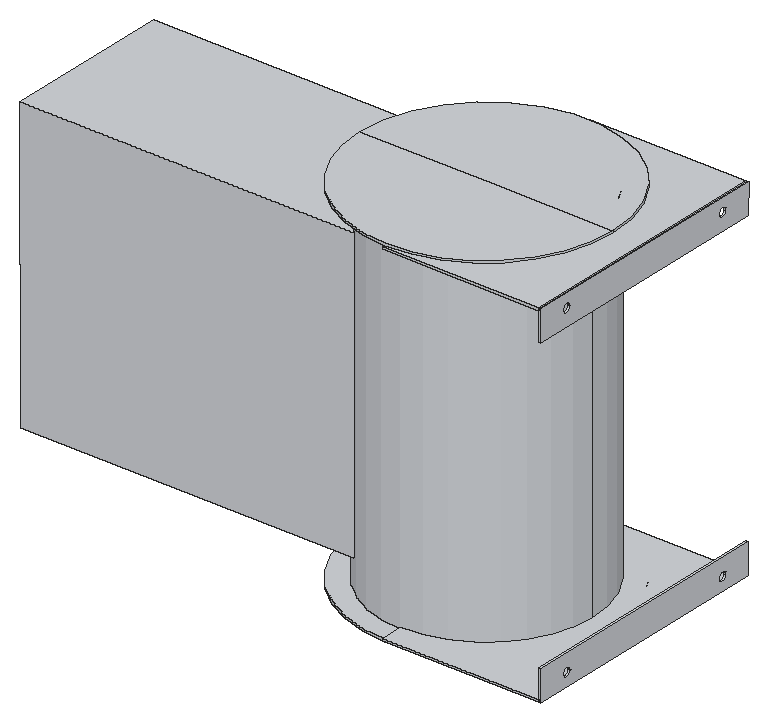
Revit family "AFB-S_Vertical_Wall_Mount", category Mechanical Equipment, Revit 2019
Family settings
  Round Connector Dimension = Use Radius
  Part Type = Normal
  Work Plane-Based = No
  Always vertical = Yes
  Cut with Voids When Loaded = No
  Shared = No
  Room Calculation Point = No
Parameters (values of type "12_AFB-S_VERT_WALL")
  Unit Weight [instance] = ""
  P/2 = P / 2  # 0' - 0 9/32"
  P = 0' - 0 9/16"  # constant formula
  N = 0' - 6"
  ModelID [instance] = ""
  M/2 = M / 2  # 0' - 8"
  M = 1' - 4"
  L = 0' - 0 15/16"
  K/2 = K / 2  # 0' - 10 1/16"
  K = 1' - 8 1/8"
  J-.125" = J - 0' 0 1/8"  # 0' - 9 5/8"
  J-(C/2) = J - (C / 2)  # 0' - 2 7/16"
  J = 0' - 9 3/4"
  H-(A/2) = H - (A / 2)  # 1' - 6 3/16"
  H+J = H + J  # 2' - 10 3/8"
  H = 2' - 0 5/8"
  Sones [instance] = ""
  Motor RPM [instance] = ""
  Motor Enclosure [instance] = ""
  LwA [instance] = ""
  G = 6' - 0"
  Fan RPM [instance] = ""
  F/2 = F / 2  # 0' - 0 5/32"
  F = 0' - 0 5/16"
  E/2 = E / 2  # 0' - 11"
  E-2" = -(E - 0' 2")  # -1' - 8"
  E = 1' - 10"
  C/2+J = C / 2 + J  # 1' - 5 1/16"
  C/2 = C / 2  # 0' - 7 5/16"
  C = 1' - 2 5/8"
  B/2 = B / 2  # 0' - 7 13/16"
  B = 1' - 3 5/8"
  Accessories [instance] = ""
  A/3 = A / 2.5  # 0' - 5.15"
  A/2 = A / 2  # 0' - 6 7/16"
  A = 1' - 0 7/8"
  60 = 60.00°  # constant formula
  30 = 30.00°  # constant formula
  3" = 0' - 3"  # constant formula
  Brake Hp [instance] = ""
  4" = 0' - 4"  # constant formula
  2L = 2 * L  # 0' - 1 7/8"
  2' = 2' - 0"
  2" = 0' - 2"  # constant formula
  1" = 0' - 1"  # constant formula
  0 = 0' - 0"  # constant formula
  Voltage [instance] = 0 V
  URL = "www.lorencook.com"
  Type Comments = "Tube Axial Fan Vertical Wall Mount Stainless Steel Construction Belt Drive Arrangement 9"  # constant formula
  Static Pressure [instance] = 0.00 in-wg
  Power [instance] = Voltage * Motor FLA * sqrt(if(Phase = 3, 3, 1))  # 0 VA
  Phase [instance] = 0
  Number of Poles [instance] = 1
  Motor Hp [instance] = "0"
  Motor FLA [instance] = 0 A
  Model = "AFB-S"  # constant formula
  Manufacturer = "Loren Cook Company"
  CFM [instance] = 0 CFM
  1.5 = 0' - 1 1/2"  # constant formula
  ONE EIGTH = 0' - 0 1/8"  # constant formula
  -E/2 = -E / 2  # -0' - 11"
  -(E-.25")/2 = -(E - 0' 0 1/4") / 2  # -0' - 10 7/8"
  (H-(A/2))/2 = (H - (A / 2)) / 2  # 0' - 9 3/32"
  (E-.25")/2 = (E - 0' 0 1/4") / 2  # 0' - 10 7/8"
  (A+.25")/2 = (A + 0' 0 1/4") / 2  # 0' - 6 9/16"
Types (10): name | N | M/2 | M | K/2 | K | J-.125" | J-(C/2) | J | H-(A/2) | H+J | H | F/2 | F | E/2 | E-2" | E | C/2+J | C/2 | C | B/2 | B | A/3 | A/2 | A | -E/2 | -(E-.25")/2 | (H-(A/2))/2 | (E-.25")/2 | (A+.25")/2
  (no name) | 0' - 6" | 0' - 8" | 1' - 4" | 0' - 10 1/16" | 1' - 8 1/8" | 0' - 9 5/8" | 0' - 2 7/16" | 0' - 9 3/4" | 1' - 6 3/16" | 2' - 10 3/8" | 2' - 0 5/8" | 0' - 0 5/32" | 0' - 0 5/16" | 0' - 11" | -1' - 8" | 1' - 10" | 1' - 5 1/16" | 0' - 7 5/16" | 1' - 2 5/8" | 0' - 7 13/16" | 1' - 3 5/8" | 0' - 5.15" | 0' - 6 7/16" | 1' - 0 7/8" | -0' - 11" | -0' - 10 7/8" | 0' - 9 3/32" | 0' - 10 7/8" | 0' - 6 9/16"
  12_AFB-S_VERT_WALL | 0' - 6" | 0' - 8" | 1' - 4" | 0' - 10 1/16" | 1' - 8 1/8" | 0' - 9 5/8" | 0' - 2 7/16" | 0' - 9 3/4" | 1' - 6 3/16" | 2' - 10 3/8" | 2' - 0 5/8" | 0' - 0 5/32" | 0' - 0 5/16" | 0' - 11" | -1' - 8" | 1' - 10" | 1' - 5 1/16" | 0' - 7 5/16" | 1' - 2 5/8" | 0' - 7 13/16" | 1' - 3 5/8" | 0' - 5.15" | 0' - 6 7/16" | 1' - 0 7/8" | -0' - 11" | -0' - 10 7/8" | 0' - 9 3/32" | 0' - 10 7/8" | 0' - 6 9/16"
  16_AFB-S_VERT_WALL | 0' - 8" | 0' - 10" | 1' - 8" | 0' - 11 9/16" | 1' - 11 1/8" | 0' - 11 5/8" | 0' - 2 7/16" | 0' - 11 3/4" | 1' - 9 11/16" | 3' - 5 7/8" | 2' - 6 1/8" | 0' - 0 5/32" | 0' - 0 5/16" | 1' - 0 1/2" | -1' - 11" | 2' - 1" | 1' - 9 1/16" | 0' - 9 5/16" | 1' - 6 5/8" | 0' - 9 13/16" | 1' - 7 5/8" | 0' - 6 3/4" | 0' - 8 7/16" | 1' - 4 7/8" | -1' - 0 1/2" | -1' - 0 3/8" | 0' - 10 27/32" | 1' - 0 3/8" | 0' - 8 9/16"
  24_AFB-S_VERT_WALL | 1' - 0 1/4" | 1' - 2 1/4" | 2' - 4 1/2" | 1' - 2 9/16" | 2' - 5 1/8" | 1' - 3 7/8" | 0' - 2 9/16" | 1' - 4" | 2' - 3 7/16" | 4' - 7 7/8" | 3' - 3 7/8" | 0' - 0 7/32" | 0' - 0 7/16" | 1' - 3 1/2" | -2' - 5" | 2' - 7" | 2' - 5 7/16" | 1' - 1 7/16" | 2' - 2 7/8" | 1' - 2 9/16" | 2' - 5 1/8" | 0' - 9.95" | 1' - 0 7/16" | 2' - 0 7/8" | -1' - 3 1/2" | -1' - 3 3/8" | 1' - 1 23/32" | 1' - 3 3/8" | 1' - 0 9/16"
  28_AFB-S_VERT_WALL | 1' - 2 1/4" | 1' - 4 1/4" | 2' - 8 1/2" | 1' - 2 9/16" | 2' - 5 1/8" | 1' - 5 7/8" | 0' - 2 9/16" | 1' - 6" | 2' - 3 7/16" | 4' - 11 7/8" | 3' - 5 7/8" | 0' - 0 7/32" | 0' - 0 7/16" | 1' - 3 1/2" | -2' - 5" | 2' - 7" | 2' - 9 7/16" | 1' - 3 7/16" | 2' - 6 7/8" | 1' - 4 9/16" | 2' - 9 1/8" | 0' - 11.55" | 1' - 2 7/16" | 2' - 4 7/8" | -1' - 3 1/2" | -1' - 3 3/8" | 1' - 1 23/32" | 1' - 3 3/8" | 1' - 2 9/16"
  32_AFB-S_VERT_WALL | 1' - 4 5/16" | 1' - 6 5/16" | 3' - 0 5/8" | 1' - 4 1/16" | 2' - 8 1/8" | 1' - 8" | 0' - 2 5/8" | 1' - 8 1/8" | 2' - 4 3/4" | 5' - 5 3/8" | 3' - 9 1/4" | 0' - 0 7/32" | 0' - 0 7/16" | 1' - 5" | -2' - 8" | 2' - 10" | 3' - 1 5/8" | 1' - 5 1/2" | 2' - 11" | 1' - 6 5/8" | 3' - 1 1/4" | 1' - 1.2" | 1' - 4 1/2" | 2' - 9" | -1' - 5" | -1' - 4 7/8" | 1' - 2 3/8" | 1' - 4 7/8" | 1' - 4 5/8"
  36_AFB-S_VERT_WALL | 1' - 6 5/16" | 1' - 8 5/16" | 3' - 4 5/8" | 1' - 4 1/16" | 2' - 8 1/8" | 1' - 10" | 0' - 2 5/8" | 1' - 10 1/8" | 2' - 4 3/4" | 5' - 9 3/8" | 3' - 11 1/4" | 0' - 0 7/32" | 0' - 0 7/16" | 1' - 5" | -2' - 8" | 2' - 10" | 3' - 5 5/8" | 1' - 7 1/2" | 3' - 3" | 1' - 8 11/16" | 3' - 5 3/8" | 1' - 2.8" | 1' - 6 1/2" | 3' - 1" | -1' - 5" | -1' - 4 7/8" | 1' - 2 3/8" | 1' - 4 7/8" | 1' - 6 5/8"
  18_AFB-S_VERT_WALL | 0' - 9" | 0' - 11" | 1' - 10" | 0' - 11 9/16" | 1' - 11 1/8" | 1' - 0 5/8" | 0' - 2 7/16" | 1' - 0 3/4" | 1' - 9 11/16" | 3' - 7 7/8" | 2' - 7 1/8" | 0' - 0 5/32" | 0' - 0 5/16" | 1' - 0 1/2" | -1' - 11" | 2' - 1" | 1' - 11 1/16" | 0' - 10 5/16" | 1' - 8 5/8" | 0' - 10 13/16" | 1' - 9 5/8" | 0' - 7.55" | 0' - 9 7/16" | 1' - 6 7/8" | -1' - 0 1/2" | -1' - 0 3/8" | 0' - 10 27/32" | 1' - 0 3/8" | 0' - 9 9/16"
  14_AFB-S_VERT_WALL | 0' - 7" | 0' - 9" | 1' - 6" | 0' - 10 1/16" | 1' - 8 1/8" | 0' - 10 5/8" | 0' - 2 7/16" | 0' - 10 3/4" | 1' - 6 3/16" | 3' - 0 3/8" | 2' - 1 5/8" | 0' - 0 5/32" | 0' - 0 5/16" | 0' - 11" | -1' - 8" | 1' - 10" | 1' - 7 1/16" | 0' - 8 5/16" | 1' - 4 5/8" | 0' - 8 13/16" | 1' - 5 5/8" | 0' - 5.95" | 0' - 7 7/16" | 1' - 2 7/8" | -0' - 11" | -0' - 10 7/8" | 0' - 9 3/32" | 0' - 10 7/8" | 0' - 7 9/16"
  20_AFB-S_VERT_WALL | 0' - 10 1/2" | 1' - 0 1/4" | 2' - 0 1/2" | 1' - 2 9/16" | 2' - 5 1/8" | 1' - 1 7/8" | 0' - 2 13/16" | 1' - 2" | 1' - 9 11/16" | 3' - 10 1/8" | 2' - 8 1/8" | 0' - 0 5/32" | 0' - 0 5/16" | 1' - 3 1/2" | -2' - 5" | 2' - 7" | 2' - 1 3/16" | 0' - 11 3/16" | 1' - 10 3/8" | 0' - 11 13/16" | 1' - 11 5/8" | 0' - 8.35" | 0' - 10 7/16" | 1' - 8 7/8" | -1' - 3 1/2" | -1' - 3 3/8" | 0' - 10 27/32" | 1' - 3 3/8" | 0' - 10 9/16"
Reference planes (in)
  plane 1 "Center (Front/Back)": y = 0
  plane 2: z = 0
  plane 3 "Center (Left/Right)": x = 0.40541
Forms (in)
  Revolve 1, solid
    sketch origin (0, 0, 0) x (1, 0, 0) y (0, 0, 1)
      loop
        line (0.40541, -11) -> (8.21791, -11) -> (8.21791, -10.875) -> (6.96791, -10.875) -> (6.96791, 10.875) -> (8.21791, 10.875) -> (8.21791, 11) -> (0.40541, 11) -> (0.40541, -11)
      axis (0.40541, 11) -> (0.40541, -11)
    angle from 0 to 360
  Extrusion 2, solid
    sketch origin (0.40541, 0, 11) x (1, 0, 0) y (0, 1, 0)
      loop
        line (-4.06742, 5.15) -> (-24.625, 5.15) -> (-24.625, -5.15) -> (-4.06742, -5.15)
        arc (-4.06742, -5.15) -> (-6.5625, 0) -> (-4.06742, 5.15) r 6.5625
    from -20 <- "E-2"" to -2
  Extrusion 3, solid
    sketch origin (0.40541, 0, 0) x (0, 1, 0) y (0, 0, 1)
      loop
        line (-8, 10.875) -> (-8, 9) -> (8, 9) -> (8, 10.875) -> (-8, 10.875)
      loop
        line (8, -9) -> (-8, -9) -> (-8, -10.875) -> (8, -10.875) -> (8, -9)
      loop
        circle (-6, 10.0625) r 0.28125
      loop
        circle (6, 10.0625) r 0.28125
      loop
        circle (6, -10.0625) r 0.28125
      loop
        circle (-6, -10.0625) r 0.28125
    from 9.75 <- "J" to 9.625 <- "J-.125""
  Extrusion 4, solid
    sketch origin (0.40541, -8, 10.875) x (0, 1, 0) y (-1, 0, 0)
      loop
        line (0, -9.625) -> (16, -9.625) -> (16, 0) -> (14.5625, 0)
        arc (14.5625, 0) -> (8, -6.5625) -> (1.4375, 0) r 6.5625
        line (1.4375, 0) -> (0, 0) -> (0, -9.625)
    from 0 to -0.125
  Extrusion 5, solid
    sketch origin (0.40541, -8, -10.875) x (1, 0, 0) y (0, -1, 0)
      loop
        line (0, -14.5625) -> (0, -16) -> (9.625, -16) -> (9.625, 0) -> (0, 0) -> (0, -1.4375)
        arc (0, -1.4375) -> (6.5625, -8) -> (0, -14.5625) r 6.5625
    from 0 to -0.125
Dimensions and locks (in)
  "0": Revolve 1 sketch curve to plane 3 "Center (Left/Right)"  (x2)
  "E/2": Revolve 1 sketch curve to level
  "ONE EIGTH": Revolve 1 sketch curve to Revolve 1 sketch curve  (x2)
  "(A+.25")/2": Revolve 1 sketch curve to Revolve 1 sketch curve
  "B/2": Revolve 1 sketch curve to Revolve 1 sketch curve
  "E": Revolve 1 sketch curve to Revolve 1 sketch curve
  "B/2": Revolve 1 sketch curve to plane 3 "Center (Left/Right)"
  "A/3": plane 1 "Center (Front/Back)" to Extrusion 2 sketch curve
  "A/3": Extrusion 2 sketch curve to plane 1 "Center (Front/Back)"
  "H": Extrusion 2 sketch curve to plane 3 "Center (Left/Right)"
  "0": Extrusion 2 sketch curve to plane 3 "Center (Left/Right)"
  "0": Extrusion 2 sketch curve to plane 1 "Center (Front/Back)"
  "0": Revolve 1 to Extrusion 3 sketch curve  (x2)
  "M/2": Extrusion 3 sketch curve to plane 1 "Center (Front/Back)"
  "M/2": plane 1 "Center (Front/Back)" to Extrusion 3 sketch curve
  "0": Extrusion 3 sketch curve to Extrusion 3 sketch curve  (x2)
  "2L": Revolve 1 to Extrusion 3 sketch curve
  "2L": Extrusion 3 sketch curve to Revolve 1
  "N": Extrusion 3 sketch curve to plane 1 "Center (Front/Back)"  (x4)
  "K/2": Extrusion 3 sketch curve to level  (x4)
  "0": Extrusion 4 sketch curve to plane 3 "Center (Left/Right)"  (x3)
  "0": Extrusion 4 sketch curve to plane 1 "Center (Front/Back)"
  "0": Extrusion 4 sketch curve to Extrusion 3  (x2)
  "0": Extrusion 3 to Extrusion 4 sketch curve
  "0": Extrusion 5 sketch curve to plane 3 "Center (Left/Right)"  (x3)
  "0": Extrusion 5 sketch curve to Extrusion 4  (x3)
  "0": Extrusion 5 sketch curve to plane 1 "Center (Front/Back)"
  "(A+.25")/2": radius of Extrusion 2 sketch curve
  "P/2": radius of Extrusion 3 sketch curve  (x4)
  "(A+.25")/2": radius of Extrusion 4 sketch curve
  "(A+.25")/2": radius of Extrusion 5 sketch curve
Automatic sketch dimensions
  Revolve 1 sketch curve to level = 0' - 0"
  Revolve 1 sketch curve to Revolve 1 sketch curve = 0' - 2"
  Extrusion 2 sketch curve to Extrusion 2 sketch curve = 0' - 0"
Connectors (in)
  hvac at (0.40541, 0, -10.875), driven by "A/2"
    settings: on Revolve 1, index 1, duct flow 0 CFM, flow factor 0, pres drop 0.00 in-wg, loss coef 0, conn angle 0.00°, conn width 12", conn height 12", conn diameter 12 7/8", duct sys type 29, conn prof type 0, flow config 0, flow direction 2, loss method 0, conn ref index -1, conn util no, is conn primary yes, conn desc ""
  hvac at (0.40541, 0, 11), driven by "A/2"
    settings: on Revolve 1, index 2, duct flow 0 CFM, flow factor 0, pres drop 0.00 in-wg, loss coef 0, conn angle 0.00°, conn width 12", conn height 12", conn diameter 12 7/8", duct sys type 29, conn prof type 0, flow config 0, flow direction 1, loss method 0, conn ref index -1, conn util no, is conn primary no, conn desc ""
  electrical at (-13.9408, -5.15, 0)
    settings: on Extrusion 2, index 3, voltage 0 V, apparent load 0 VA, apparent load phase1 0 VA, apparent load phase2 0 VA, apparent load phase3 0 VA, power factor 1, load classification "Other", number of poles 1, system type 30, power factor state 1, is connector primary yes, connector utility no, sub classification motor no, connector description ""
